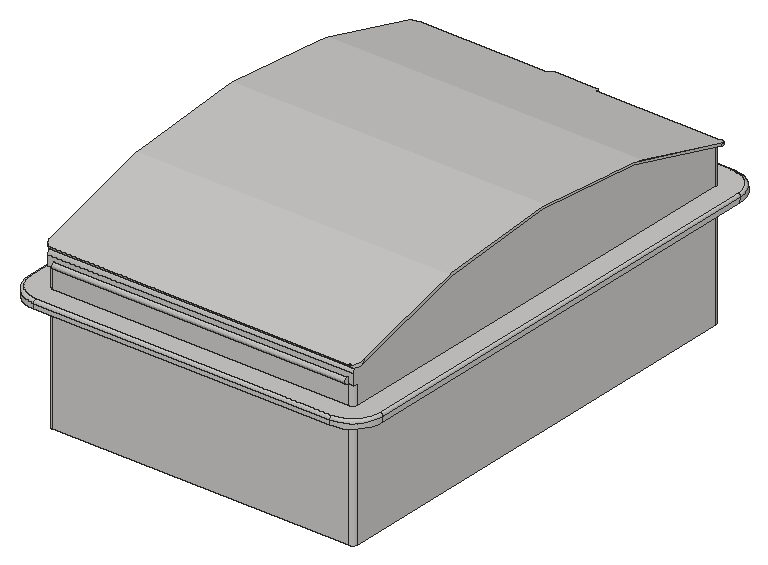
Revit family "PRD_FrankeWS_WstBns_STRATOSHygieneWasteBin_STRX611E", category Specialty Equipment, host Face, Revit 2018
Family settings
  Host = Face
  Round Connector Dimension = Use Diameter
  Part Type = Normal
  OmniClass Number = 23.40.20.31.11
  OmniClass Title = Bins
  Cut with Voids When Loaded = No
  Shared = No
  Room Calculation Point = No
Parameters (values of type "STRX611E")
  WasteBinMaterial = PRD_AR_StainlessSteel_SatinFinished
  WarrantyStartDate [instance] = "1900-12-31T23:59:59"
  WarrantyGuarantorParts = "n/a"
  WarrantyGuarantorLabor = "n/a"
  WarrantyDurationUnit = "year"
  WarrantyDurationParts = "n/a"
  WarrantyDurationLabor = "n/a"
  WarrantyDescription = "n/a"
  Version = "1"
  Uniclass2015Version = "Products v1.10"
  Uniclass2015Title = "Waste bins"
  Uniclass2015Code = "Pr_40_50_07_96"
  URL = "www.kwc.com"
  TypeOfMounting = "Recessed mounting"
  TypeOfFixing = "Screw"
  TagNumber [instance] = "n/a"
  SustainabilityPerformance = "n/a"
  SurfaceTreatment = "InoxPlus (anti fingerprint)"
  Style = "n/a"
  Size = "232 x 331 x 135 mm"
  Shape = "n/a"
  SerialNumber [instance] = "n/a"
  Revision = "n/a"
  ReplacementCost = "n/a"
  ProductInformation = "https://pim.kwc.com/product/2000057376/attachment/datasheet?locale=en"
  NominalWidth = 232 mm
  NominalHeight = 331 mm
  NominalDepth = 135 mm
  NetWeight = 4.12 kg
  Name = "Hygiene Waste Bin STRX611E"
  NBSTypeID = "n/a"
  NBSReference = "45-35-72/380"
  NBSOfficeMasterTag = "n/a"
  NBSNote = "n/a"
  NBSDescription = "Waste bins"
  NBSCertification = "n/a"
  ModelReference = "STRX611E"
  ModelOffset = 77 mm
  ModelNumber = "2000057376"
  Model = ModelReference  # "STRX611E"
  MaterialThickness = "1.50 mm"
  MaterialCode = "1.4301"
  Material = "stainless steel"
  ManufacturerURL = "www.kwc.com"
  ManufacturerName = "KWC Group AG"  # constant formula
  Manufacturer = ManufacturerName  # "KWC Group AG"
  MainColor = "stainless steel"
  Lock = "No lock"
  Lid = "Yes"
  IsBuiltIn = "TRUE"
  IntegralAccessories = "incl. stainless steel screws and dowels"
  InstallationDate [instance] = "1900-12-31T23:59:59"
  IfcExportType = "USERDEFINED"
  IfcExportAs = "IfcFurnitureType"
  GrossWeight = 4.71 kg
  Grade = "n/a"
  Finish = "satin finished"
  FillingVolume = "3.80 liter"
  Features = "stainless steel, surface satin finished"
  ExpectedLife = "n/a"
  DurationUnit = "year"
  Description = "Sanitary towel and disposal bin for recessed mounting, stainless steel, surface satin finished, front with InoxPlus surface refinement for the reduction of finger marks and better cleaning characteristics (easy to clean), material thickness 1.5 mm, curved front cover, approx. 3.8 liter capacity, folding selfclosing lid with piano hindge, removable plastic container inside, includes stainless steel screws and dowels."
  Default Elevation = 850 mm
  CreatedOn = "11/2019"  # constant formula
  Constituents = "n/a"
  Color = "n/a"
  CodePerformance = "n/a"
  Category = "Pr_40_50_07_96, Waste bins"
  BarCode [instance] = "n/a"
  BagHolder = "No"
  BIMObjectName = "PRD_AR_WasteBins_STRATOSHygieneWasteBin_STRX611E"
  Author = "Archispace"  # constant formula
  AssetType = "Fixed"
  AssetIdentifier [instance] = "n/a"
  AccessibilityPerformance = "n/a"
Reference planes
  plane 1 "Center (Front/Back)": y = 0
  plane 2: z = 0
  plane 3 "Center (Left/Right)": x = 0
  plane 4: z = -77
Forms (mm)
  Extrusion 1, void
    sketch origin (0, 0, 0) x (1, 0, 0) y (0, 1, 0)
      loop
        line (-102.5, 148.4) -> (-102.5, -151.6) -> (102.5, -151.6) -> (102.5, 148.4) -> (-102.5, 148.4)
    from -77 to 0
Dimensions and locks
  "ModelOffset": level to plane 4
  aligned and locked: plane 2 to host face
  aligned and locked: level to host face
  aligned and locked: Extrusion 1 to plane 4
Automatic sketch dimensions
  host sketch curve to host sketch curve = 2438.4 mm  (x2)
  Extrusion 1 sketch curve to plane 3 "Center (Left/Right)" = 102.5 mm
  plane 3 "Center (Left/Right)" to Extrusion 1 sketch curve = 102.5 mm
  plane 1 "Center (Front/Back)" to Extrusion 1 sketch curve = 151.6 mm
  Extrusion 1 sketch curve to plane 1 "Center (Front/Back)" = 148.4 mm
Nested families
  nested 1: "STRX611E" at (0, 0, -77), type "STRX611E"
Definition of nested family "STRX611E"
  Parameters (values of type "STRX619")
    Material = none
    Default Elevation = 1219.2 mm
  Reference planes
    plane 1 "Center (Front/Back)": y = 0
    plane 2: z = 0
    plane 3 "Center (Left/Right)": x = 0
  Forms (mm)
    Extrusion 1, solid
      sketch origin (0, 0, 0) x (1, 0, 0) y (0, 1, 0)
        loop
          line (-250, 320) -> (-250, -321.369) -> (248.602, -321.369) -> (248.602, 320) -> (-250, 320)
      from 0 to -60
    Extrusion 2, solid, material <- "Material", detail levels fine
      sketch origin (0, 0, 0) x (0, 1, 0) y (0, 0, 1)
        loop
          line (-151.6, 0) -> (148.4, 0) -> (148.4, 104.659)
          arc (148.4, 104.659) -> (0.135, 132.496) -> (-148.355, 105.891) r 418
          arc (-148.355, 105.891) -> (-150.71, 104.057) -> (-151.6, 101.209) r 5
          line (-151.6, 101.209) -> (-151.6, 0)
      from -100 to 100
    Extrusion 3, solid, material <- "Material", detail levels fine
      sketch origin (0, 0, 0) x (0, 1, 0) y (0, 0, 1)
        loop
          line (156.433, 101.475) -> (157, 102.864)
          arc (157, 102.864) -> (2.851, 133.976) -> (-151.924, 106.141) r 419.5
          line (-151.924, 106.141) -> (-151.387, 104.741)
          arc (-151.387, 104.741) -> (2.835, 132.476) -> (156.433, 101.475) r 418
      from -102.5 to 102.5
    Extrusion 4, void
      sketch origin (0, 0, 0) x (1, 0, 0) y (0, 1, 0)
        loop
          line (-102.5, 166.644) -> (-102.5, 146.644)
          arc (-102.5, 146.644) -> (-101.036, 150.179) -> (-97.5, 151.644) r 5
          line (-97.5, 151.644) -> (-16, 151.644)
          arc (-16, 151.644) -> (-15.293, 151.937) -> (-15, 152.644) r 1
          line (-15, 152.644) -> (-15, 153.756)
          arc (-15, 153.756) -> (-13.975, 156.231) -> (-11.5, 157.256) r 3.5
          line (-11.5, 157.256) -> (11.5, 157.256)
          arc (11.5, 157.256) -> (13.975, 156.231) -> (15, 153.756) r 3.5
          line (15, 153.756) -> (15, 152.644)
          arc (15, 152.644) -> (15.293, 151.937) -> (16, 151.644) r 1
          line (16, 151.644) -> (97.5, 151.644)
          arc (97.5, 151.644) -> (101.036, 150.179) -> (102.5, 146.644) r 5
          line (102.5, 146.644) -> (102.5, 166.644) -> (-102.5, 166.644)
        loop
          line (-102.5, -153.383) -> (-97.5, -153.383) -> (-97.5, -151.656)
          arc (-97.5, -151.656) -> (-101.036, -150.192) -> (-102.5, -146.656) r 5
          line (-102.5, -146.656) -> (-102.5, -153.383)
        loop
          line (102.5, -153.383) -> (102.5, -146.656)
          arc (102.5, -146.656) -> (101.036, -150.192) -> (97.5, -151.656) r 5
          line (97.5, -151.656) -> (97.5, -153.383) -> (102.5, -153.383)
      from 101.475 to 115.808
    Sweep 5, void
      path in 3D
        loop
          line (-100, -151.6, 0) -> (-100, -151.6, 94.343)
      profile origin (-100, -151.6, 47.171) x (0, 1, 0) y (-1, 0, 0)
        loop
          line (0, 0) -> (0, -3.2)
          arc (0, -3.2) -> (0.937, -0.937) -> (3.2, 0) r 3.2
          line (3.2, 0) -> (0, 0)
    Sweep 6, void
      path in 3D
        loop
          line (100, -151.6, 94.343) -> (100, -151.6, 0)
      profile origin (100, -151.6, 47.171) x (1, 0, 0) y (0, 1, 0)
        loop
          line (0, 0) -> (0, 3.2)
          arc (0, 3.2) -> (-0.937, 0.937) -> (-3.2, 0) r 3.2
          line (-3.2, 0) -> (0, 0)
    Sweep 7, void
      path in 3D
        loop
          line (-100, 148.4, 116.675) -> (-100, 148.4, 0)
      profile origin (-100, 148.4, 58.338) x (-1, 0, 0) y (0, -1, 0)
        loop
          line (0, 0) -> (0, 3.2)
          arc (0, 3.2) -> (-0.937, 0.937) -> (-3.2, 0) r 3.2
          line (-3.2, 0) -> (0, 0)
        loop
          line (-200, 0) -> (-196.8, 0)
          arc (-196.8, 0) -> (-199.063, 0.937) -> (-200, 3.2) r 3.2
          line (-200, 3.2) -> (-200, 0)
    Extrusion 8, solid, material <- "Material", detail levels fine
      sketch origin (0, -76.6, 13.494) x (0, 1, 0) y (0, 0, 1)
        loop
          line (-75, 80.712) -> (-75, 84.691)
          arc (-75, 84.691) -> (-76.794, 82.701) -> (-75, 80.712) r 2
      from -96 to 96
    Extrusion 9, solid, material <- "Material", detail levels fine
      sketch origin (0, 0, 25) x (1, 0, 0) y (0, 1, 0)
        loop
          arc (-116, -147.856) -> (-110.435, -161.291) -> (-97, -166.856) r 19
          line (-97, -166.856) -> (97, -166.856)
          arc (97, -166.856) -> (110.435, -161.291) -> (116, -147.856) r 19
          line (116, -147.856) -> (116, 145.144)
          arc (116, 145.144) -> (110.435, 158.579) -> (97, 164.144) r 19
          line (97, 164.144) -> (-97, 164.144)
          arc (-97, 164.144) -> (-110.435, 158.579) -> (-116, 145.144) r 19
          line (-116, 145.144) -> (-116, -147.856)
        loop
          arc (-96.8, 148.4) -> (-99.063, 147.463) -> (-100, 145.2) r 3.2
          line (-100, 145.2) -> (-100, -148.187)
          arc (-100, -148.187) -> (-99.063, -150.45) -> (-96.8, -151.387) r 3.2
          line (-96.8, -151.387) -> (96.8, -151.387)
          arc (96.8, -151.387) -> (99.063, -150.45) -> (100, -148.187) r 3.2
          line (100, -148.187) -> (100, 145.2)
          arc (100, 145.2) -> (99.063, 147.463) -> (96.8, 148.4) r 3.2
          line (96.8, 148.4) -> (-96.8, 148.4)
      from 52 to 57
    Sweep 10, void
      path in 3D
        loop
          arc (-116, -147.856, 82) -> (-110.435, -161.291, 82) -> (-97, -166.856, 82) r 19
          line (-97, -166.856, 82) -> (97, -166.856, 82)
          arc (97, -166.856, 82) -> (110.435, -161.291, 82) -> (116, -147.856, 82) r 19
          line (116, -147.856, 82) -> (116, 145.144, 82)
          arc (116, 145.144, 82) -> (110.435, 158.579, 82) -> (97, 164.144, 82) r 19
          line (97, 164.144, 82) -> (-97, 164.144, 82)
          arc (-97, 164.144, 82) -> (-110.435, 158.579, 82) -> (-116, 145.144, 82) r 19
          line (-116, 145.144, 82) -> (-116, -147.856, 82)
      profile origin (-116, -1.356, 82) x (1, 0, 0) y (0, 0, 1)
        loop
          line (0, 0) -> (0, -1.7)
          arc (0, -1.7) -> (0.498, -0.498) -> (1.7, 0) r 1.7
          line (1.7, 0) -> (0, 0)
    Extrusion 11, solid, material <- "Material", detail levels medium
      sketch origin (0, 0, 25) x (1, 0, 0) y (0, 1, 0)
        loop
          arc (-116, -147.856) -> (-110.435, -161.291) -> (-97, -166.856) r 19
          line (-97, -166.856) -> (97, -166.856)
          arc (97, -166.856) -> (110.435, -161.291) -> (116, -147.856) r 19
          line (116, -147.856) -> (116, 145.144)
          arc (116, 145.144) -> (110.435, 158.579) -> (97, 164.144) r 19
          line (97, 164.144) -> (-97, 164.144)
          arc (-97, 164.144) -> (-110.435, 158.579) -> (-116, 145.144) r 19
          line (-116, 145.144) -> (-116, -147.856)
        loop
          line (-100, 148.4) -> (-100, -151.6) -> (100, -151.6) -> (100, 148.4) -> (-100, 148.4)
      from 52 to 57
    Extrusion 12, solid, material <- "Material", detail levels coarse
      sketch origin (0, 0, 25) x (1, 0, 0) y (0, 1, 0)
        loop
          line (-116, -166.856) -> (116, -166.856) -> (116, 164.144) -> (-116, 164.144) -> (-116, -166.856)
        loop
          line (-102.5, 151.644) -> (-102.5, -151.656) -> (102.5, -151.656) -> (102.5, 151.644) -> (-102.5, 151.644)
      from 52 to 57
    Extrusion 13, solid, material <- "Material", detail levels medium
      sketch origin (0, 0, 0) x (0, 1, 0) y (0, 0, 1)
        loop
          line (-151.6, 0) -> (148.4, 0) -> (148.4, 104.659)
          arc (148.4, 104.659) -> (0.135, 132.496) -> (-148.355, 105.891) r 418
          arc (-148.355, 105.891) -> (-150.71, 104.057) -> (-151.6, 101.209) r 5
          line (-151.6, 101.209) -> (-151.6, 0)
      from -100 to 100
    Extrusion 14, solid, material <- "Material", detail levels medium
      sketch origin (0, 0, 0) x (0, 1, 0) y (0, 0, 1)
        loop
          line (156.433, 101.475) -> (157, 102.864)
          arc (157, 102.864) -> (2.851, 133.976) -> (-151.924, 106.141) r 419.5
          line (-151.924, 106.141) -> (-151.387, 104.741)
          arc (-151.387, 104.741) -> (2.835, 132.476) -> (156.433, 101.475) r 418
      from -102.5 to 102.5
    Extrusion 15, solid, material <- "Material", detail levels coarse
      sketch origin (0, 0, 0) x (0, 1, 0) y (0, 0, 1)
        loop
          line (148.4, 0) -> (148.4, 133.997) -> (-151.6, 133.997) -> (-151.6, 0) -> (148.4, 0)
      from -102.5 to 102.5
  Cuts and joins
    Extrusion 4 cuts Extrusion 3
    Sweep 5, Sweep 6, Sweep 7 cuts Extrusion 2
    Sweep 10 cuts Extrusion 9
  Lines and regions (mm)
    sketch lines
      curve 1: line (-100, -151.6, 0) -> (-100, -151.6, 94.343)
      curve 2: line (-100, 148.4, 116.675) -> (-100, 148.4, 0)
      curve 3: line (-116, 145.144, 82) -> (-116, -147.856, 82)
      curve 4: arc (-97, -166.856, 82) -> (-110.435, -161.291, 82) -> (-116, -147.856, 82) r 19
      curve 5: line (-97, -166.856, 82) -> (97, -166.856, 82)
      curve 6: arc (116, -147.856, 82) -> (110.435, -161.291, 82) -> (97, -166.856, 82) r 19
      curve 7: line (116, -147.856, 82) -> (116, 145.144, 82)
      curve 8: arc (97, 164.144, 82) -> (110.435, 158.579, 82) -> (116, 145.144, 82) r 19
      curve 9: line (97, 164.144, 82) -> (-97, 164.144, 82)
      curve 10: arc (-116, 145.144, 82) -> (-110.435, 158.579, 82) -> (-97, 164.144, 82) r 19
      curve 11: line (100, -151.6, 94.343) -> (100, -151.6, 0)
  Dimensions and locks
    aligned and locked: plane 2 to Extrusion 1
    aligned and locked: level to Extrusion 1
